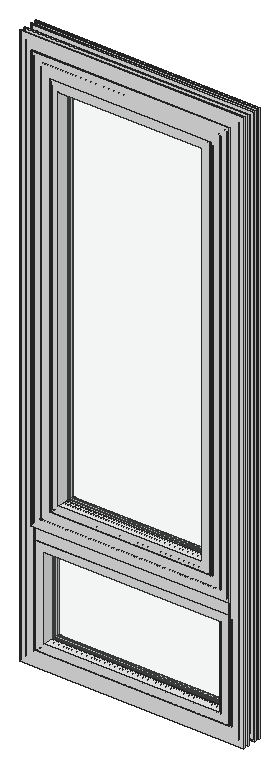
Revit family "Serene_T&T_Window_D_Custom", category Windows, host Wall, Revit 2014 (continued)
Definition of nested family "Serene_Fixed_Panel_D_Cust"
  Definition of nested family "Serene_Bead_D_Glazing_Square"
    Forms (mm)
      Sweep 1, solid, material <- "Profile Material"
        profile origin (450, 0, 0) x (0, 0, 1) y (0, -1, 0)
          loop
            line (-3.909, -17.633) -> (-1.876, -18.807) -> (-1.876, -17.9) -> (0.173, -17.9) -> (14.6, -13.651) -> (14.6, -16.5) -> (17, -16.5) -> (17, -15.3) -> (15.8, -15.3) -> (15.8, -13.6) -> (20.8, -13.6) -> (20.8, -15.3) -> (19.6, -15.3) -> (19.6, -16.5) -> (22, -16.5)
    Lines and regions (mm)
      model lines, style "GenericModel"
        curve 1: line (22, 0, 1298) -> (0, 0, 1298)
        curve 2: line (878, 0, 1298) -> (900, 0, 1298)
        curve 3: line (878, 0, 22) -> (900, 0, 22)
        curve 4: line (22, 0, 22) -> (0, 0, 22)
    Dimensions and locks
      "Width Bead": Sweep 1 sketch curve to Sweep 1 sketch curve
      "Height Bead": Sweep 1 sketch curve to Sweep 1 sketch curve
      aligned and locked: level to plane 2
    Automatic sketch dimensions
      profile plane to Sweep 1 sketch curve = 3.909 mm  (x2)
      Sweep 1 sketch curve to Sweep 1 sketch curve = 0.25 mm  (x2)
      Sweep 1 sketch curve to Sweep 1 sketch curve = 2.033 mm
      Sweep 1 sketch curve to Sweep 1 sketch curve = 1.783 mm
      Sweep 1 sketch curve to Sweep 1 sketch curve = 1.876 mm  (x2)
      Sweep 1 sketch curve to Sweep 1 sketch curve = 0.173 mm
      Sweep 1 sketch curve to Sweep 1 sketch curve = 1.2 mm  (x9)
      Sweep 1 sketch curve to Sweep 1 sketch curve = 0.2 mm
      Sweep 1 sketch curve to Sweep 1 sketch curve = 12.2 mm
      Sweep 1 sketch curve to Sweep 1 sketch curve = 0 mm  (x4)
      Sweep 1 sketch curve to Sweep 1 sketch curve = 2.6 mm
      Sweep 1 sketch curve to plane 1 "Center (Front/Back)" = 18.807 mm
      Sweep 1 sketch curve to Sweep 1 sketch curve = 0.907 mm  (x2)
      Sweep 1 sketch curve to Sweep 1 sketch curve = 0.267 mm
      Sweep 1 sketch curve to Sweep 1 sketch curve = 0.433 mm
      Sweep 1 sketch curve to plane 1 "Center (Front/Back)" = 16.5 mm
      Sweep 1 sketch curve to Sweep 1 sketch curve = 1.649 mm
      Sweep 1 sketch curve to Sweep 1 sketch curve = 1.7 mm
      Sweep 1 sketch curve to Sweep 1 sketch curve = 1.251 mm
      Sweep 1 sketch curve to Sweep 1 sketch curve = 11.3 mm
      Sweep 1 sketch curve to Sweep 1 sketch curve = 0.5 mm
      Sweep 1 sketch curve to Sweep 1 sketch curve = 0.7 mm
      Sweep 1 sketch curve to Sweep 1 sketch curve = 3 mm
      curve 1 to Sweep 1 = 0 mm  (x3)
      curve 4 to Sweep 1 = 0 mm  (x2)
      Sweep 1 to curve 4 = 0 mm
      curve 3 to Sweep 1 = 0 mm  (x2)
      curve 2 to Sweep 1 = 0 mm  (x2)
      Sweep 1 to curve 3 = 0 mm
      Sweep 1 to curve 2 = 0 mm
      Sweep 1 sketch curve to plane 3 "Center (Left/Right)" = 0 mm
      Sweep 1 sketch curve to level = 0 mm
  Definition of nested family "Serene_Single_Glazing_Fixed_D_Cust"
    Parameters (values of type "Single_Glazing_Fixed")
      Glazing Width [instance] = 900 mm
      Glazing Height [instance] = 1500 mm
      Glazing Thickness SG [instance] = 4 mm
      Glazing Material [instance] = Glass
    Reference planes
      plane 1 "Center (Front/Back)": y = 0
      plane 2: z = 0
      plane 3 "Center (Left/Right)": x = 0
    Forms (mm)
      Extrusion 1, solid, material "Glass" <- "Glazing Material"
        sketch origin (0, 0, 0) x (1, 0, 0) y (0, 0, 1)
          loop
            line (0, 0) -> (0, 1500) -> (-900, 1500) -> (-900, 0) -> (0, 0)
        from 0 to 4 <- "Glazing Thickness SG"
    Dimensions and locks
      "Glazing Width": plane 3 "Center (Left/Right)" to Extrusion 1 sketch curve
      "Glazing Height": Extrusion 1 sketch curve to level
      aligned and locked: level to plane 2
      aligned and locked: Extrusion 1 sketch curve to plane 3 "Center (Left/Right)"
      aligned and locked: level to Extrusion 1 sketch curve
  Definition of nested family "Serene_Double_Glazing_Fixed_D_Cust"
    Parameters (values of type "Double_Glazing_Fixed")
      Glazing Width [instance] = 600 mm
      Glazing Height [instance] = 600 mm
      Glazing Thickness DG [instance] = 4 mm
      Glazing Material [instance] = Glass
      Double Glazing Gasket Thickness [instance] = 12 mm
      Double Glazing Gasket Material [instance] = none
    Reference planes
      plane 1 "Center (Front/Back)": y = 0
      plane 2: z = 0
      plane 3 "Center (Left/Right)": x = 0
    Forms (mm)
      Extrusion 1, solid, material "Glass" <- "Glazing Material"
        sketch origin (0, 0, 0) x (1, 0, 0) y (0, 0, 1)
          loop
            line (0, 0) -> (0, 600) -> (-600, 600) -> (-600, 0) -> (0, 0)
        from 0 to 4 <- "Glazing Thickness DG"
      Extrusion 2, solid, material <- "Double Glazing Gasket Material"
        sketch origin (0, -4, 0) x (1, 0, 0) y (0, 0, 1)
          loop
            line (-600, 600) -> (-600, 0) -> (0, 0) -> (0, 600) -> (-600, 600)
          loop
            line (-592, 8) -> (-8, 8) -> (-8, 592) -> (-592, 592) -> (-592, 8)
        from 0 to 12 <- "Double Glazing Gasket Thickness"
      Extrusion 3, solid, material "Glass" <- "Glazing Material"
        sketch origin (0, -16, 0) x (1, 0, 0) y (0, 0, 1)
          loop
            line (-600, 600) -> (-600, 0) -> (0, 0) -> (0, 600) -> (-600, 600)
        from 0 to 4 <- "Glazing Thickness DG"
    Dimensions and locks
      "Glazing Width": plane 3 "Center (Left/Right)" to Extrusion 1 sketch curve
      "Glazing Height": Extrusion 1 sketch curve to level
      aligned and locked: level to plane 2
      aligned and locked: Extrusion 1 sketch curve to plane 3 "Center (Left/Right)"
      aligned and locked: level to Extrusion 1 sketch curve
      aligned and locked: Extrusion 2 sketch curve to Extrusion 1  (x4)
      aligned and locked: Extrusion 3 sketch curve to Extrusion 2  (x4)
    Automatic sketch dimensions
      Extrusion 2 sketch curve to Extrusion 1 = 8 mm  (x4)
Definition of nested family "Serene_Single_Glazing_Tilt_&_Turn_D_Cust"
  Parameters (values of type "Single_Glazing_Tilt_&_Turn")
    Tilt [instance] = yes
    Right Hinged [instance] = yes
    Left Hinged [instance] = yes
    Half Width [instance] = Glazing Width / 2  # 450 mm
    Half Height [instance] = Glazing Height / 2  # 750 mm
    Glazing Width [instance] = 900 mm
    Glazing Height [instance] = 1500 mm
    Glazing Thickness SG [instance] = 4 mm
    Glazing Material [instance] = Glass
    Glazing Bead Gap = 21.8 mm  # constant formula
  Reference planes
    plane 1 "Center (Front/Back)": y = 0
    plane 2: z = 0
    plane 3 "Center (Left/Right)": x = 0
  Forms (mm)
    Extrusion 1, solid, material "Glass" <- "Glazing Material"
      sketch origin (0, 0, 0) x (1, 0, 0) y (0, 0, 1)
        loop
          line (0, 0) -> (0, 1500) -> (-900, 1500) -> (-900, 0) -> (0, 0)
      from 0 to 4 <- "Glazing Thickness SG"
  Lines and regions (mm)
    model lines, style "GenericModelHiddenLines", visible <- "Left Hinged"
      curve 1: line (-878.2, 0, 1478.2) -> (-21.8, 0, 750)
      curve 2: line (-21.8, 0, 750) -> (-878.2, 0, 21.8)
    model lines, style "GenericModelHiddenLines", visible <- "Right Hinged"
      curve 3: line (-21.8, 0, 1478.2) -> (-878.2, 0, 750)
      curve 4: line (-878.2, 0, 750) -> (-21.8, 0, 21.8)
    model lines, style "GenericModelHiddenLines", visible <- "Tilt"
      curve 5: line (-878.2, 0, 21.8) -> (-450, 0, 1478.2)
      curve 6: line (-450, 0, 1478.2) -> (-21.8, 0, 21.8)
  Dimensions and locks
    "Glazing Width": plane 3 "Center (Left/Right)" to Extrusion 1 sketch curve
    "Glazing Height": Extrusion 1 sketch curve to level
    "Glazing Bead Gap": curve 2 to Extrusion 1
    "Glazing Bead Gap": Extrusion 1 to curve 2  (x2)
    "Glazing Bead Gap": Extrusion 1 to curve 4  (x2)
    "Glazing Bead Gap": curve 4 to Extrusion 1
    "Glazing Bead Gap": Extrusion 1 to curve 3  (x2)
    "Glazing Bead Gap": Extrusion 1 to curve 1  (x2)
    "Half Height": curve 4 to Extrusion 1
    "Half Height": curve 2 to Extrusion 1
    "Glazing Bead Gap": Extrusion 1 to curve 6
    "Half Width": plane 3 "Center (Left/Right)" to curve 6
    aligned and locked: level to plane 2
    aligned and locked: Extrusion 1 sketch curve to plane 3 "Center (Left/Right)"
    aligned and locked: level to Extrusion 1 sketch curve
Definition of nested family "Serene_Single_Glazing_Fixed_D_Cust"
  Parameters (values of type "Single_Glazing_Fixed")
    Glazing Width [instance] = 900 mm
    Glazing Height [instance] = 1500 mm
    Glazing Thickness SG [instance] = 4 mm
    Glazing Material [instance] = Glass
  Reference planes
    plane 1 "Center (Front/Back)": y = 0
    plane 2: z = 0
    plane 3 "Center (Left/Right)": x = 0
  Forms (mm)
    Extrusion 1, solid, material "Glass" <- "Glazing Material"
      sketch origin (0, 0, 0) x (1, 0, 0) y (0, 0, 1)
        loop
          line (0, 0) -> (0, 1500) -> (-900, 1500) -> (-900, 0) -> (0, 0)
      from 0 to 4 <- "Glazing Thickness SG"
  Dimensions and locks
    "Glazing Width": plane 3 "Center (Left/Right)" to Extrusion 1 sketch curve
    "Glazing Height": Extrusion 1 sketch curve to level
    aligned and locked: level to plane 2
    aligned and locked: Extrusion 1 sketch curve to plane 3 "Center (Left/Right)"
    aligned and locked: level to Extrusion 1 sketch curve
